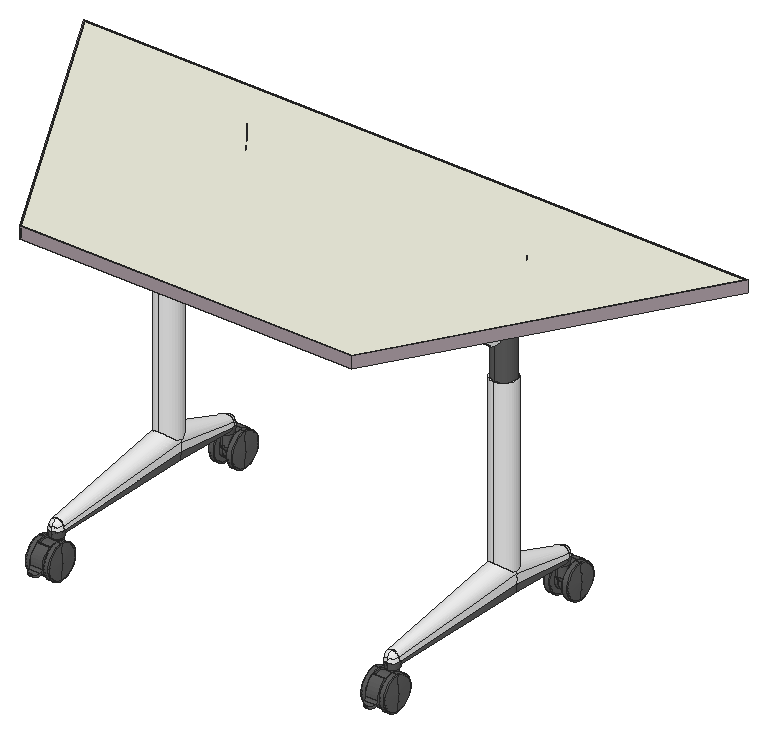
Revit family
Parameters
  Width = 2' - 2"  # constant formula
  URL = "www.coalesse.com"
  Type Comments = "AKF603030PLAC"
  Top Thickness = 0' - 1"
  Top Finish = Furniture_Coalesse_Akira_Top (Laminate)
  Model = "Akira"
  Manufacturer = "COALESSE"
  Length = 5' - 0"  # constant formula
  Leg Ht. = Height - Top Thickness  # 2' - 5"
  Leg Base = Furniture_Coalesse_Akira_LegBase (Powder Coat)
  LD = if(Length > 4' 0", 0' 11 1/2", 0' 5")  # 0' - 11 1/2"
  Height = 2' - 6"
  Glide/Caster = Furniture_Coalesse_Akira_Glide
  Edging = Furniture_Coalesse_Akira_Edge (Vinyl)
  Description = "Height Adjustable Trapezoid Flip-Top L-Base w/Casters"
  Cost = 1441
Reference planes (in)
  plane 1 "Center Front/Back": y = 0
  plane 2: z = 0
  plane 3 "Center Left/Right": x = 0
  plane 4: x = -30
  plane 5: x = 30
  plane 6: y = 13
  plane 7: y = -13
  plane 8: z = 29
  plane 9: z = 30
  plane 10: x = -14
  plane 11: x = 14
  plane 12: y = 4
  plane 13: x = -16.3125
  plane 14: x = 16.3125
  plane 15: x = -9.0625
  plane 16: x = 9.0625
  plane 17: x = -10.5625
  plane 18: x = 10.5625
  plane 19: z = 28.52129
  plane 20: z = 28.8125
Forms (in)
  Extrusion 1, solid, material "Furniture_Coalesse_Akira_LegBase (Powder Coat)" <- "Leg Base"
    sketch origin (0, 0, 0) x (0, 1, 0) y (0, 0, 1)
      loop
        line (5.20425, 27.401) -> (5.17624, 28.04259) -> (5.052, 28.04259) -> (5.052, 29) -> (2.948, 29) -> (2.948, 28.04259) -> (2.82376, 28.04259) -> (2.79575, 27.401)
        arc (2.79575, 27.401) -> (4, 27.15073) -> (5.20425, 27.401) r 3.02248
    from -9.0625 to 9.0625
  Extrusion 2, solid, material "Furniture_Coalesse_Akira_Edge (Vinyl)" <- "Edging"
    sketch origin (0, 0, 0) x (1, 0, 0) y (0, 1, 0)
      loop
        line (-30, 13) -> (-14.98889, -13) -> (14.98889, -13) -> (30, 13) -> (-30, 13)
      loop
        line (-29.89175, 12.9375) -> (-14.95281, -12.9375) -> (14.95281, -12.9375) -> (29.89175, 12.9375) -> (-29.89175, 12.9375)
    from 29 to 30
  Extrusion 3, solid, material "Furniture_Coalesse_Akira_Top (Laminate)" <- "Top Finish"
    sketch origin (0, 0, 0) x (1, 0, 0) y (0, 1, 0)
      loop
        line (-29.89175, 12.9375) -> (-14.95281, -12.9375) -> (14.95281, -12.9375) -> (29.89175, 12.9375) -> (-29.89175, 12.9375)
    from 29 to 30
  Extrusion 4, solid, material "Furniture_Coalesse_Akira_LegBase (Powder Coat)" <- "Leg Base"
    sketch origin (0, 0, 0) x (0, 1, 0) y (0, 0, 1)
      loop
        line (3.56568, 28.8125) -> (3.56568, 27.75) -> (4.43432, 27.75) -> (4.43432, 28.8125) -> (3.56568, 28.8125)
    from -10.5625 to 10.5625
  Extrusion 5, solid, material "Furniture_Coalesse_Akira_LegBase (Powder Coat)" <- "Leg Base"
    sketch origin (-15.2, 4, 48) x (1, 0, 0) y (0, 0, 1)
      loop
        line (1.97123, -22.877) -> (4.6375, -20.21073) -> (4.6375, -19.81298) -> (1.94848, -22.502) -> (1.54375, -22.502) -> (1.54375, -22.877) -> (1.97123, -22.877)
    from -0.125 to 0.125
  Extrusion 6, solid, material "Furniture_Coalesse_Akira_LegBase (Powder Coat)" <- "Leg Base"
    sketch origin (15.2, 4, 48) x (-1, 0, 0) y (0, 0, -1)
      loop
        line (1.97123, 22.877) -> (1.54375, 22.877) -> (1.54375, 22.502) -> (1.94848, 22.502) -> (4.6375, 19.81298) -> (4.6375, 20.21073) -> (1.97123, 22.877)
    from -0.125 to 0.125
  Extrusion 7, solid, material "Furniture_Coalesse_Akira_LegBase (Powder Coat)" <- "Leg Base"
    sketch origin (0, 0, 0) x (1, 0, 0) y (0, 1, 0)
      loop
        line (-2.288, 8.3) -> (-2.288, 4) -> (-0.532, 4) -> (-0.532, 8.3) -> (-2.288, 8.3)
    from 28.52129 to 29
  Extrusion 8, solid, material "Furniture_Coalesse_Akira_LegBase (Powder Coat)" <- "Leg Base"
    sketch origin (0, 0, 0) x (1, 0, 0) y (0, 1, 0)
      loop
        line (2.54982, 8.40594) -> (-4.45, 8.40594)
        arc (-4.45, 8.40594) -> (-4.94897, 7.90697) -> (-4.45, 7.408) r 0.49897
        line (-4.45, 7.408) -> (2.54982, 7.408)
        arc (2.54982, 7.408) -> (4.07513, 7.21448) -> (5.50378, 6.64619) r 6.108
        line (5.50378, 6.64619) -> (5.535, 6.63166) -> (5.957, 7.53826) -> (5.92578, 7.55279)
        arc (5.92578, 7.55279) -> (4.29087, 8.18935) -> (2.54982, 8.40594) r 7.10594
    from 28.8125 to 29
Cuts and joins
  joined: Extrusion 1, Extrusion 4, Extrusion 5, Extrusion 6, Extrusion 7, Extrusion 8
Lines and regions (in)
  reference lines
    curve 1: line (30, 13, 0) -> (14.98889, -13, 0)
    curve 2: line (-30, 13, 0) -> (-14.98889, -13, 0)
Dimensions and locks (in)
  equal spacing: plane 7, plane 1 "Center Front/Back", plane 6
  equal spacing: plane 4, plane 3 "Center Left/Right", plane 5
  "Length": plane 4 to plane 5
  "Width": plane 6 to plane 7
  "Height": plane 9 to level
  "Top Thickness": plane 9 to plane 8
  locked: plane 13 to plane 10 at 2.3125
  locked: plane 11 to plane 14 at 2.3125
  locked: plane 13 to plane 15 at 7.25
  locked: plane 16 to plane 14 at 7.25
  locked: plane 4 to plane 10 at 16
  locked: plane 11 to plane 5 at 16
  locked: plane 13 to nested 1 at 1.15625
  locked: nested 2 to plane 14 at 1.15625
  locked: plane 12 to nested 1 at 0
  locked: nested 2 to plane 12 at 0
  locked: Extrusion 4 sketch curve to plane 8 at 1.25
  locked: plane 16 to plane 18 at 1.5
  locked: plane 17 to plane 15 at 1.5
  locked: plane 8 to Extrusion 4 sketch curve at 0.1875
  locked: Extrusion 5 sketch curve to plane 10 at 0.34375
  locked: plane 11 to Extrusion 6 sketch curve at 0.34375
  Extrusion 7 sketch curve to Extrusion 7 sketch curve to plane 3 "Center Left/Right" = 0' - 1.756" locked, 0' - 0.532" locked
  locked: plane 12 to Extrusion 7 sketch curve at 4.3
  locked: plane 8 to plane 19 at 0.47871
  locked: plane 8 to plane 20 at 0.1875
  locked: plane 12 to plane 6 at 9
  locked: curve 1 to plane 6 (angle 120.00°)
  locked: plane 6 to curve 2 (angle 120.00°)
  aligned and locked: Extrusion 1 sketch curve to plane 8
  aligned and locked: plane 16 to Extrusion 1
  aligned and locked: plane 15 to Extrusion 1
  aligned and locked: plane 9 to Extrusion 2
  aligned and locked: Extrusion 2 to plane 8
  aligned and locked: plane 9 to Extrusion 3
  aligned and locked: Extrusion 3 to plane 8
  aligned and locked: Extrusion 4 to plane 17
  aligned and locked: Extrusion 4 to plane 18
  aligned and locked: Extrusion 5 sketch curve to plane 17
  aligned and locked: plane 18 to Extrusion 6 sketch curve
  aligned and locked: Extrusion 7 sketch curve to plane 12
  aligned and locked: plane 8 to Extrusion 7
  aligned and locked: Extrusion 7 to plane 19
  aligned and locked: plane 8 to Extrusion 8
  aligned and locked: Extrusion 8 to cut or joined group of Extrusion 1, Extrusion 4, Extrusion 5, Extrusion 6, Extrusion 7, Extrusion 8
  aligned and locked: plane 5 to curve 1
  aligned and locked: plane 6 to curve 1
  aligned and locked: plane 7 to curve 1
  aligned and locked: plane 4 to curve 2
  aligned and locked: plane 6 to curve 2
  aligned and locked: plane 7 to curve 2
  aligned and locked: Extrusion 2 sketch curve to plane 6
  aligned and locked: Extrusion 2 sketch curve to curve 2
  aligned and locked: plane 7 to Extrusion 2 sketch curve
  aligned and locked: Extrusion 2 sketch curve to curve 1
  aligned and locked: Extrusion 3 sketch curve to Extrusion 2  (x4)
Automatic sketch dimensions
  plane 12 to Extrusion 1 sketch curve = 0' - 1.20425"
  Extrusion 1 sketch curve to plane 19 = 0' - 0.47871"  (x2)
  Extrusion 1 sketch curve to Extrusion 1 sketch curve = 0' - 0.02801"  (x2)
  Extrusion 1 sketch curve to Extrusion 1 sketch curve = 0' - 0.12424"  (x2)
  plane 12 to Extrusion 1 sketch curve = 0' - 0"
  Extrusion 1 sketch curve to plane 12 = 0' - 1.052"
  Extrusion 1 sketch curve to Extrusion 1 sketch curve = 0' - 0.64159"
  plane 9 to Extrusion 1 sketch curve = 0' - 0.17321"
  plane 12 to Extrusion 4 sketch curve = 0' - 0.43432"
  Extrusion 4 sketch curve to plane 12 = 0' - 0.43432"
  Extrusion 5 sketch curve to Extrusion 5 sketch curve = 0' - 0.40473"
  Extrusion 5 sketch curve to Extrusion 5 sketch curve = 0' - 0.02275"
  Extrusion 5 sketch curve to plane 19 = 0' - 3.39829"
  Extrusion 5 sketch curve to Extrusion 5 sketch curve = 0' - 0 3/8"
  Extrusion 5 sketch curve to plane 19 = 0' - 0.73202"
  Extrusion 5 sketch curve to plane 19 = 0' - 0.33427"
  Extrusion 6 sketch curve to Extrusion 6 sketch curve = 0' - 0.40473"
  Extrusion 6 sketch curve to Extrusion 6 sketch curve = 0' - 0.02275"
  Extrusion 6 sketch curve to plane 19 = 0' - 0.33427"
  Extrusion 6 sketch curve to Extrusion 6 sketch curve = 0' - 0.39775"
  Extrusion 6 sketch curve to plane 19 = 0' - 3.02329"
  Extrusion 6 sketch curve to Extrusion 6 sketch curve = 0' - 0 3/8"
  Extrusion 8 sketch curve to Extrusion 8 sketch curve = 0' - 0"  (x2)
  Extrusion 8 sketch curve to plane 3 "Center Left/Right" = 0' - 4.45"
  plane 3 "Center Left/Right" to Extrusion 8 sketch curve = 0' - 2.54982"
  Extrusion 8 sketch curve to Extrusion 8 sketch curve = 0' - 2.95396"
  Extrusion 8 sketch curve to Extrusion 8 sketch curve = 0' - 0.03122"  (x2)
  Extrusion 8 sketch curve to Extrusion 8 sketch curve = 0' - 0.42199"
  Extrusion 8 sketch curve to plane 1 "Center Front/Back" = 0' - 1.3"
  Extrusion 8 sketch curve to plane 12 = 0' - 2.63166"
  Extrusion 8 sketch curve to Extrusion 8 sketch curve = 0' - 0.01453"
  Extrusion 2 sketch curve to plane 5 = 0' - 0.10825"
  Extrusion 2 sketch curve to plane 6 = 0' - 0 1/16"
  Extrusion 2 sketch curve to Extrusion 2 sketch curve = 0' - 0.03608"  (x2)
  Extrusion 2 sketch curve to plane 4 = 0' - 0.10825"
  Extrusion 2 sketch curve to plane 7 = 0' - 0 1/16"
Nested families (in)
  nested 1: "Coalesse_Akira_LBase__FT" at (-15.15625, 4, 0), type "Coalesse_Akira_LBase__FT"
    with Leg Ht. 2' - 5"
  nested 2: "Coalesse_Akira_LBase__FT" at (15.15625, 4, 0) x (-1, 0, 0) z (0, 0, 1), type "Coalesse_Akira_LBase__FT"
    with Leg Ht. 2' - 5"
Definition of nested family "Coalesse_Akira_LBase__FT"
  Parameters
    Leg Ht. = 2' - 3 1/2"
    Leg Base = none
    Caster = none
  Reference planes (in)
    plane 1 "Center Front/Back": y = 0
    plane 2: z = 0
    plane 3 "Center Left/Right": x = 0
    plane 4: z = 27.5
    plane 5 "f": y = -12.58729
    plane 6: z = 3
    plane 7: z = 6.5
    plane 8: x = -1.15625
    plane 9: x = 6.09375
    plane 10 "fc": y = -13.33729
    plane 11: z = 20.99637
    plane 12: z = 22.80001
    plane 13: z = 24.05001
    plane 14: z = 27.3125
    plane 15: y = 5.84533
    plane 16: y = 6.59533
    plane 17: y = 6.59533
    plane 18: y = 8.11295
    plane 19: y = -8.11295
    plane 20: y = -6.61295
    plane 21: y = 6.61295
  Forms (in)
    Blend 1, solid, material <- "Caster"
      base sketch origin (0, 0, 0.88281) x (1, 0, 0) y (0, 0, 1)
        loop
          line (-0.59375, 2.6875) -> (-0.59375, 2.4375) -> (0.59375, 2.4375) -> (0.59375, 2.6875) -> (-0.59375, 2.6875)
      top sketch origin (0, 0, 0.88281) x (1, 0, 0) y (0, 0, 1)
        loop
          line (-1.15625, 3.6875) -> (-1.15625, 3.0625) -> (1.15625, 3.0625) -> (1.15625, 3.6875) -> (-1.15625, 3.6875)
      from -6.59533 to 0
    Blend 2, solid, material <- "Caster"
      base sketch origin (0, 0, 0.88281) x (1, 0, 0) y (0, 0, -1)
        loop
          line (-0.59375, -2.6875) -> (0.59375, -2.6875) -> (0.59375, -2.4375) -> (-0.59375, -2.4375) -> (-0.59375, -2.6875)
      top sketch origin (0, 0, 0.88281) x (1, 0, 0) y (0, 0, -1)
        loop
          line (-1.15625, -3.6875) -> (1.15625, -3.6875) -> (1.15625, -3.0625) -> (-1.15625, -3.0625) -> (-1.15625, -3.6875)
      from -12.58729 to 0
    Revolve 3, solid, material <- "Leg Base"
      sketch origin (0, 0, 0) x (0, 1, 0) y (0, 0, 1)
        loop
          line (0, 20.99637) -> (0, 5.25) -> (1.125, 5.25) -> (1.125, 20.99637) -> (0, 20.99637)
        axis (0, 20.99637) -> (0, 5.25)
      angle from 0 to 360
    Blend 4, solid, material <- "Leg Base"
      base sketch origin (0, 0, 0.88281) x (1, 0, 0) y (0, 0, 1)
        loop
          line (-0.58299, 2.98753) -> (-0.64197, 2.68197) -> (0.64197, 2.68197) -> (0.58299, 2.98753)
          arc (0.58299, 2.98753) -> (0, 3.46875) -> (-0.58299, 2.98753) r 0.59375
      top sketch origin (0, 0, 0.88281) x (1, 0, 0) y (0, 0, 1)
        loop
          line (-1.15625, 3.6875) -> (1.15625, 3.6875) -> (1.15625, 4.46094)
          arc (1.15625, 4.46094) -> (0, 5.61719) -> (-1.15625, 4.46094) r 1.15625
          line (-1.15625, 4.46094) -> (-1.15625, 3.6875)
      from -6.59533 to 0
    Blend 5, solid, material <- "Leg Base"
      base sketch origin (0, 0, 0.88281) x (1, 0, 0) y (0, 0, -1)
        loop
          arc (-0.58299, -2.98753) -> (0, -3.46875) -> (0.58299, -2.98753) r 0.59375
          line (0.58299, -2.98753) -> (0.64197, -2.68197) -> (-0.64197, -2.68197) -> (-0.58299, -2.98753)
      top sketch origin (0, 0, 0.88281) x (1, 0, 0) y (0, 0, -1)
        loop
          line (-1.15625, -3.6875) -> (-1.15625, -4.46094)
          arc (-1.15625, -4.46094) -> (0, -5.61719) -> (1.15625, -4.46094) r 1.15625
          line (1.15625, -4.46094) -> (1.15625, -3.6875) -> (-1.15625, -3.6875)
      from -12.58729 to 0
    Revolve 6, solid, material <- "Leg Base"
      sketch origin (0, -5.99195, 0) x (0, -1, 0) y (0, 0, 1)
        loop
          line (7.2373, 3.56478) -> (7.15334, 3.89945)
          arc (7.15334, 3.89945) -> (6.98216, 4.18843) -> (6.68091, 4.33696) r 0.5893
          line (6.68091, 4.33696) -> (6.59533, 4.35156) -> (6.59533, 3.56478) -> (7.2373, 3.56478)
        axis (6.59533, 4.35156) -> (6.59533, 3.56478)
      angle from 0 to 360
    Extrusion 7, void
      sketch origin (0, -5.99195, 1) x (0, -1, 0) y (0, 0, -1)
        loop
          line (6.59533, -4.56644) -> (6.59533, -2) -> (5.44158, -2) -> (5.44158, -4.56644) -> (6.59533, -4.56644)
      from -12 to 12
    Revolve 8, solid, material <- "Caster"
      sketch origin (0, -5.98391, 1) x (0, -1, 0) y (0, 0, 1)
        loop
          line (6.59533, 2.56478) -> (6.59533, 0.54688)
          arc (6.59533, 0.54688) -> (6.91574, 0.67959) -> (7.04846, 1) r 0.45312
          line (7.04846, 1) -> (7.04846, 2) -> (7.15448, 2)
          arc (7.15448, 2) -> (7.19031, 2.28394) -> (7.24535, 2.56478) r 4.21213
          line (7.24535, 2.56478) -> (6.59533, 2.56478)
        axis (6.59533, 2.56478) -> (6.59533, 0.54688)
      angle from 0 to 360
    Revolve 9, solid, material <- "Leg Base"
      sketch origin (0, -5.99195, 0) x (0, 1, 0) y (0, 0, 1)
        loop
          line (13.22926, 3.56478) -> (13.1453, 3.89945)
          arc (13.1453, 3.89945) -> (12.97412, 4.18843) -> (12.67286, 4.33696) r 0.5893
          line (12.67286, 4.33696) -> (12.58729, 4.35156) -> (12.58729, 3.56478) -> (13.22926, 3.56478)
        axis (12.58729, 4.35156) -> (12.58729, 3.56478)
      angle from 0 to 360
    Extrusion 10, void
      sketch origin (0, -5.99195, 1) x (0, 1, 0) y (0, 0, 1)
        loop
          line (12.58729, 4.56644) -> (11.43354, 4.56644) -> (11.43354, 2) -> (12.58729, 2) -> (12.58729, 4.56644)
      from -12 to 12
    Revolve 11, solid, material <- "Caster"
      sketch origin (0, -13.33729, 0) x (0, 0, 1) y (-1, 0, 0)
        loop
          line (1.5, 0.55915) -> (1.5, 1.15625)
          arc (1.5, 1.15625) -> (0.77574, 1.13535) -> (0.05448, 1.06633) r 10.89041
          arc (0.05448, 1.06633) -> (0.01556, 1.04561) -> (0, 1.00435) r 0.0625
          line (0, 1.00435) -> (0, 0.62165)
          arc (0, 0.62165) -> (0.01831, 0.57745) -> (0.0625, 0.55915) r 0.0625
          line (0.0625, 0.55915) -> (1.5, 0.55915)
        axis (1.5, 1.15625) -> (1.5, 0.55915)
      angle from 0 to 360
    Revolve 12, solid, material <- "Caster"
      sketch origin (0, -13.33729, 0) x (0, 0, 1) y (1, 0, 0)
        loop
          line (1.5, 0.55915) -> (1.5, 1.15625)
          arc (1.5, 1.15625) -> (0.77574, 1.13535) -> (0.05448, 1.06633) r 10.89041
          arc (0.05448, 1.06633) -> (0.01556, 1.04561) -> (0, 1.00435) r 0.0625
          line (0, 1.00435) -> (0, 0.62165)
          arc (0, 0.62165) -> (0.01831, 0.57745) -> (0.0625, 0.55915) r 0.0625
          line (0.0625, 0.55915) -> (1.5, 0.55915)
        axis (1.5, 1.15625) -> (1.5, 0.55915)
      angle from 0 to 360
    Revolve 13, solid, material <- "Caster"
      sketch origin (0, -13.33729, 0) x (0, 0, 1) y (-1, 0, 0)
        loop
          arc (0.63549, 0.04419) -> (0.6538, 0) -> (0.63549, -0.04419) r 0.0625
          line (0.63549, -0.04419) -> (0.51831, -0.16138)
          arc (0.51831, -0.16138) -> (0.50476, -0.18166) -> (0.5, -0.20558) r 0.0625
          line (0.5, -0.20558) -> (0.5, -0.55915) -> (1.5, -0.55915) -> (1.5, 0.55915) -> (0.5, 0.55915) -> (0.5, 0.20558)
          arc (0.5, 0.20558) -> (0.50476, 0.18166) -> (0.51831, 0.16138) r 0.0625
          line (0.51831, 0.16138) -> (0.63549, 0.04419)
        axis (1.5, 0.55915) -> (1.5, -0.55915)
      angle from 0 to 360
    Extrusion 14, solid, material <- "Caster"
      sketch origin (0, 0, 0) x (0, 1, 0) y (0, 0, 1)
        loop
          line (-13.02994, 2.64704) -> (-13.02994, 2.84021)
          arc (-13.02994, 2.84021) -> (-14.70356, 1.65466) -> (-13.33729, 0.125) r 1.375
          line (-13.33729, 0.125) -> (-13.33729, 0.3125)
          arc (-13.33729, 0.3125) -> (-14.51463, 1.655) -> (-13.02994, 2.64704) r 1.1875
      from -0.55915 to 0.55915
    Extrusion 15, solid, material <- "Caster"
      sketch origin (0, 0, 0) x (0, 1, 0) y (0, 0, 1)
        loop
          arc (-14.02479, 2.69078) -> (-13.99047, 2.81885) -> (-14.11854, 2.85316) r 0.09375
          arc (-14.11854, 2.85316) -> (-14.71082, 2.24485) -> (-14.89756, 1.41661) r 1.5625
          arc (-14.89756, 1.41661) -> (-14.94487, 1.25642) -> (-15.0825, 1.16178) r 0.25
          line (-15.0825, 1.16178) -> (-15.47604, 1.05633)
          arc (-15.47604, 1.05633) -> (-15.52024, 0.97979) -> (-15.44369, 0.93559) r 0.0625
          line (-15.44369, 0.93559) -> (-14.72449, 1.1283)
          arc (-14.72449, 1.1283) -> (-14.68723, 1.15625) -> (-14.67965, 1.20221) r 0.0625
          arc (-14.67965, 1.20221) -> (-14.59588, 2.05369) -> (-14.02479, 2.69078) r 1.375
      from -0.55915 to 0.55915
    Extrusion 16, void
      sketch origin (0, 0, 0) x (1, 0, 0) y (0, 1, 0)
        loop
          line (-0.54352, -13.5) -> (-1.30915, -13.5) -> (-1.30915, -15.83173) -> (1.24592, -15.83173) -> (1.24592, -13.61425) -> (0.54352, -13.61425) -> (0.54352, -15.00674)
          arc (0.54352, -15.00674) -> (0.39707, -15.36029) -> (0.04352, -15.50674) r 0.5
          line (0.04352, -15.50674) -> (-0.04352, -15.50674)
          arc (-0.04352, -15.50674) -> (-0.39707, -15.36029) -> (-0.54352, -15.00674) r 0.5
          line (-0.54352, -15.00674) -> (-0.54352, -13.5)
      from 0 to 12
    Revolve 17, solid, material <- "Caster"
      sketch origin (0, 0, 0) x (0, 1, 0) y (0, 0, 1)
        loop
          line (0, 20.99637) -> (1, 20.99637) -> (1, 27.3125) -> (0, 27.3125) -> (0, 20.99637)
        axis (0, 27.3125) -> (0, 20.99637)
      angle from 0 to 360
    Extrusion 18, solid, material <- "Leg Base"
      sketch origin (0, 0, 0) x (0, 1, 0) y (0, 0, 1)
        loop
          arc (1.62384, 24.172) -> (1.47121, 24.0815) -> (1.29657, 24.05001) r 0.5
          line (1.29657, 24.05001) -> (1, 24.05001) -> (1, 22.80001) -> (1.54909, 22.80001)
          arc (1.54909, 22.80001) -> (1.89105, 22.8603) -> (2.19178, 23.03389) r 1
          line (2.19178, 23.03389) -> (5.83036, 26.08622)
          arc (5.83036, 26.08622) -> (6.15985, 26.51553) -> (6.277, 27.04388) r 1.25
          line (6.277, 27.04388) -> (6.277, 27.5) -> (4.277, 27.5) -> (4.277, 26.92593)
          arc (4.277, 26.92593) -> (4.18654, 26.51032) -> (3.93154, 26.1699) r 1
          line (3.93154, 26.1699) -> (1.62384, 24.172)
      from -1.15625 to 5.57353
    Extrusion 19, void
      sketch origin (0, -13.33729, 0) x (0, 0, 1) y (-1, 0, 0)
        loop
          line (21.49637, 0.442) -> (24.33414, 0.442)
          arc (24.33414, 0.442) -> (25.35468, 0.31495) -> (26.31292, -0.05845) r 4.16228
          line (26.31292, -0.05845) -> (26.45327, -0.13429)
          arc (26.45327, -0.13429) -> (27.03102, -0.65138) -> (27.3125, -1.37382) r 1.66764
          arc (27.3125, -1.37382) -> (26.99219, -1.7965) -> (26.56952, -1.47619) r 0.375
          line (26.56952, -1.47619) -> (26.55792, -1.39199)
          arc (26.55792, -1.39199) -> (26.43133, -1.06708) -> (26.17149, -0.83453) r 0.75
          line (26.17149, -0.83453) -> (25.95636, -0.71827)
          arc (25.95636, -0.71827) -> (25.17079, -0.41216) -> (24.33414, -0.308) r 3.41228
          line (24.33414, -0.308) -> (21.49637, -0.308) -> (21.49637, -7.09375) -> (27.5, -7.09375) -> (27.5, 1.442) -> (21.49637, 1.442) -> (21.49637, 0.442)
      from -32.57454 to 12
    Extrusion 20, solid, material <- "Leg Base"
      sketch origin (0, 0, 0) x (0, -1, 0) y (0, 0, -1)
        loop
          line (1.62384, -24.172) -> (3.93154, -26.1699)
          arc (3.93154, -26.1699) -> (4.18654, -26.51032) -> (4.277, -26.92593) r 1
          line (4.277, -26.92593) -> (4.277, -27.5) -> (6.277, -27.5) -> (6.277, -27.04388)
          arc (6.277, -27.04388) -> (6.15985, -26.51553) -> (5.83036, -26.08622) r 1.25
          line (5.83036, -26.08622) -> (2.19178, -23.03389)
          arc (2.19178, -23.03389) -> (1.89105, -22.8603) -> (1.54909, -22.80001) r 1
          line (1.54909, -22.80001) -> (1, -22.80001) -> (1, -24.05001) -> (1.29657, -24.05001)
          arc (1.29657, -24.05001) -> (1.47121, -24.0815) -> (1.62384, -24.172) r 0.5
      from -1.15625 to 5.57353
    Extrusion 21, solid, material <- "Leg Base"
      sketch origin (0, 0, 0) x (1, 0, 0) y (0, 1, 0)
        loop
          arc (0, -1.5) -> (1.5, 0) -> (0, 1.5) r 1.5
          line (0, 1.5) -> (0, 1)
          arc (0, 1) -> (1, 0) -> (0, -1) r 1
          line (0, -1) -> (0, -1.5)
      from 22.80001 to 24.05001
    Extrusion 22, solid, material <- "Leg Base"
      sketch origin (0, 0, 0) x (1, 0, 0) y (0, 1, 0)
        loop
          line (0.581, 3.36295) -> (-1.15625, 1.17893) -> (-1.15625, -1.17893) -> (0.581, -3.36295) -> (0.581, -8.11295) -> (2.35, -8.11295) -> (2.35, -5.87618) -> (6.09375, -1.16964) -> (6.09375, 1.16964) -> (2.35, 5.87618) -> (2.35, 8.11295) -> (0.581, 8.11295) -> (0.581, 3.36295)
      from 27.3125 to 27.5
    Revolve 23, solid, material <- "Caster"
      sketch origin (0, -0.00805, 1) x (0, 1, 0) y (0, 0, 1)
        loop
          line (6.59533, 2.56478) -> (6.59533, 0.54688)
          arc (6.59533, 0.54688) -> (6.91574, 0.67959) -> (7.04846, 1) r 0.45312
          line (7.04846, 1) -> (7.04846, 2) -> (7.15448, 2)
          arc (7.15448, 2) -> (7.19031, 2.28394) -> (7.24535, 2.56478) r 4.21213
          line (7.24535, 2.56478) -> (6.59533, 2.56478)
        axis (6.59533, 2.56478) -> (6.59533, 0.54688)
      angle from 0 to 360
    Revolve 24, solid, material <- "Caster"
      sketch origin (0, 7.34533, 0) x (0, 0, 1) y (1, 0, 0)
        loop
          line (1.5, -0.55915) -> (0.0625, -0.55915)
          arc (0.0625, -0.55915) -> (0.01831, -0.57745) -> (0, -0.62165) r 0.0625
          line (0, -0.62165) -> (0, -1.00435)
          arc (0, -1.00435) -> (0.01556, -1.04561) -> (0.05448, -1.06633) r 0.0625
          arc (0.05448, -1.06633) -> (0.77574, -1.13535) -> (1.5, -1.15625) r 10.89041
          line (1.5, -1.15625) -> (1.5, -0.55915)
        axis (1.5, -1.15625) -> (1.5, -0.55915)
      angle from 0 to 360
    Revolve 25, solid, material <- "Caster"
      sketch origin (0, 7.34533, 0) x (0, 0, 1) y (1, 0, 0)
        loop
          line (1.5, 0.55915) -> (1.5, 1.15625)
          arc (1.5, 1.15625) -> (0.77574, 1.13535) -> (0.05448, 1.06633) r 10.89041
          arc (0.05448, 1.06633) -> (0.01556, 1.04561) -> (0, 1.00435) r 0.0625
          line (0, 1.00435) -> (0, 0.62165)
          arc (0, 0.62165) -> (0.01831, 0.57745) -> (0.0625, 0.55915) r 0.0625
          line (0.0625, 0.55915) -> (1.5, 0.55915)
        axis (1.5, 1.15625) -> (1.5, 0.55915)
      angle from 0 to 360
    Revolve 26, solid, material <- "Caster"
      sketch origin (0, 7.34533, 0) x (0, 0, 1) y (1, 0, 0)
        loop
          line (0.63549, -0.04419) -> (0.51831, -0.16138)
          arc (0.51831, -0.16138) -> (0.50476, -0.18166) -> (0.5, -0.20558) r 0.0625
          line (0.5, -0.20558) -> (0.5, -0.55915) -> (1.5, -0.55915) -> (1.5, 0.55915) -> (0.5, 0.55915) -> (0.5, 0.20558)
          arc (0.5, 0.20558) -> (0.50476, 0.18166) -> (0.51831, 0.16138) r 0.0625
          line (0.51831, 0.16138) -> (0.63549, 0.04419)
          arc (0.63549, 0.04419) -> (0.6538, 0) -> (0.63549, -0.04419) r 0.0625
        axis (1.5, -0.55915) -> (1.5, 0.55915)
      angle from 0 to 360
    Extrusion 27, solid, material <- "Caster"
      sketch origin (0, -5.99195, 0) x (0, -1, 0) y (0, 0, -1)
        loop
          arc (-13.02994, -2.64704) -> (-14.51463, -1.655) -> (-13.33729, -0.3125) r 1.1875
          line (-13.33729, -0.3125) -> (-13.33729, -0.125)
          arc (-13.33729, -0.125) -> (-14.70356, -1.65466) -> (-13.02994, -2.84021) r 1.375
          line (-13.02994, -2.84021) -> (-13.02994, -2.64704)
      from -0.55915 to 0.55915
    Extrusion 28, solid, material <- "Caster"
      sketch origin (0, -5.99195, 0) x (0, -1, 0) y (0, 0, -1)
        loop
          arc (-14.02479, -2.69078) -> (-14.59588, -2.05369) -> (-14.67965, -1.20221) r 1.375
          arc (-14.67965, -1.20221) -> (-14.68723, -1.15625) -> (-14.72449, -1.1283) r 0.0625
          line (-14.72449, -1.1283) -> (-15.44369, -0.93559)
          arc (-15.44369, -0.93559) -> (-15.52024, -0.97979) -> (-15.47604, -1.05633) r 0.0625
          line (-15.47604, -1.05633) -> (-15.0825, -1.16178)
          arc (-15.0825, -1.16178) -> (-14.94487, -1.25642) -> (-14.89756, -1.41661) r 0.25
          arc (-14.89756, -1.41661) -> (-14.71082, -2.24485) -> (-14.11854, -2.85316) r 1.5625
          arc (-14.11854, -2.85316) -> (-13.99047, -2.81885) -> (-14.02479, -2.69078) r 0.09375
      from -0.55915 to 0.55915
    Extrusion 29, void
      sketch origin (0, -5.99195, 0) x (1, 0, 0) y (0, 1, 0)
        loop
          line (-0.54352, 13.5) -> (-0.54352, 15.00674)
          arc (-0.54352, 15.00674) -> (-0.39707, 15.36029) -> (-0.04352, 15.50674) r 0.5
          line (-0.04352, 15.50674) -> (0.04352, 15.50674)
          arc (0.04352, 15.50674) -> (0.39707, 15.36029) -> (0.54352, 15.00674) r 0.5
          line (0.54352, 15.00674) -> (0.54352, 13.61425) -> (1.24592, 13.61425) -> (1.24592, 15.83173) -> (-1.30915, 15.83173) -> (-1.30915, 13.5) -> (-0.54352, 13.5)
      from 0 to 12
    Extrusion 30, solid, material <- "Leg Base"
      sketch origin (0, -13.33729, 0) x (0, 0, 1) y (-1, 0, 0)
        loop
          circle (26.94101, -1.42501) r 0.1875
      from -9.06029 to -5.22434
    Extrusion 31, solid, material <- "Leg Base"
      sketch origin (0, 13.33729, 0) x (0, 0, 1) y (1, 0, 0)
        loop
          circle (26.94101, 1.42501) r 0.1875
      from -9.06029 to -5.22434
    Extrusion 32, solid, material <- "Leg Base"
      sketch origin (0, -13.33729, 0) x (0, 0, 1) y (-1, 0, 0)
        loop
          line (27.3125, -1.7997) -> (27.3125, -1.05001) -> (26.94101, -1.05001)
          arc (26.94101, -1.05001) -> (26.67584, -1.15984) -> (26.56601, -1.42501) r 0.375
          arc (26.56601, -1.42501) -> (26.67056, -1.68478) -> (26.92593, -1.7997) r 0.375
          line (26.92593, -1.7997) -> (27.3125, -1.7997)
        loop
          circle (26.94101, -1.42501) r 0.1875
      from -6.72434 to -5.22434
    Extrusion 33, solid, material <- "Leg Base"
      sketch origin (0, -13.33729, 0) x (0, 0, 1) y (-1, 0, 0)
        loop
          line (27.3125, -1.7997) -> (27.3125, -1.05001) -> (26.94101, -1.05001)
          arc (26.94101, -1.05001) -> (26.67584, -1.15984) -> (26.56601, -1.42501) r 0.375
          arc (26.56601, -1.42501) -> (26.67056, -1.68478) -> (26.92593, -1.7997) r 0.375
          line (26.92593, -1.7997) -> (27.3125, -1.7997)
        loop
          circle (26.94101, -1.42501) r 0.1875
      from -21.45023 to -19.95023
  Cuts and joins
    Extrusion 7 cuts Blend 1
    Extrusion 29 cuts Revolve 26
    joined: Blend 1, Revolve 23, Revolve 24, Revolve 25, Revolve 26
    Extrusion 7, Extrusion 10 cuts Revolve 3
    Extrusion 7 cuts Blend 4
    Extrusion 10 cuts Blend 5
    Extrusion 7, Extrusion 10 cuts Revolve 6
    Extrusion 10 cuts Revolve 9
    joined: Revolve 3, Blend 4, Blend 5, Revolve 6, Revolve 9
    Extrusion 10, Extrusion 16 cuts Blend 2
    Extrusion 10, Extrusion 16 cuts Revolve 8
    Extrusion 16 cuts Revolve 13
    joined: Blend 2, Revolve 8, Revolve 11, Revolve 12, Revolve 13
    Extrusion 16 cuts Extrusion 15
    Extrusion 19 cuts Extrusion 18
    Extrusion 19 cuts Extrusion 20
    joined: Extrusion 18, Extrusion 20, Extrusion 21, Extrusion 30, Extrusion 31
    Extrusion 29 cuts Extrusion 27
    Extrusion 29 cuts Extrusion 28
    joined: Extrusion 27, Extrusion 28
    joined: Extrusion 22, Extrusion 32, Extrusion 33
  Dimensions and locks (in)
    "Leg Ht.": plane 4 to level
    plane 6 to level = 0' - 3"
    level to plane 7 = 0' - 6 1/2"
    plane 8 to plane 3 "Center Left/Right" to plane 9 = 0' - 1 5/32", 0' - 6 3/32"
    locked: level to plane 11 at 20.99637
    Extrusion 18 sketch curve to plane 4 = 0' - 0"
    locked: plane 9 to Extrusion 19 sketch curve at 1
    locked: plane 8 to Extrusion 19 sketch curve at 0.28575
    locked: plane 4 to Extrusion 19 sketch curve at 6.00363  (x2)
    plane 4 to plane 13 to plane 12 = 0' - 3.44999" locked, 0' - 1 1/4" locked
    locked: plane 14 to plane 4 at 0.1875
    plane 18 to plane 1 "Center Front/Back" to plane 19 = 0' - 8.11295" locked, 0' - 8.11295" locked
    locked: plane 20 to plane 19 at 1.5
    locked: plane 18 to plane 21 at 1.5
    aligned and locked: Revolve 3 sketch curve to plane 1 "Center Front/Back"
    aligned and locked: plane 1 "Center Front/Back" to Revolve 3 sketch curve
    aligned and locked: plane 11 to Revolve 17 sketch curve
    aligned and locked: plane 11 to Revolve 3 sketch curve
    aligned and locked: plane 1 "Center Front/Back" to Revolve 17 sketch curve
    aligned and locked: plane 4 to Extrusion 19 sketch curve
    aligned and locked: plane 12 to Extrusion 21
    aligned and locked: Extrusion 21 to plane 13
    aligned and locked: plane 14 to Revolve 17 sketch curve
    aligned and locked: plane 9 to Extrusion 22 sketch curve
    aligned and locked: Extrusion 22 sketch curve to plane 8
    aligned and locked: Extrusion 22 to plane 4
    aligned and locked: plane 14 to Extrusion 22
    aligned and locked: cut or joined group of Extrusion 18, Extrusion 19, Extrusion 20, Extrusion 21, Extrusion 30, Extrusion 31 to Extrusion 30
    aligned and locked: Extrusion 22 to Extrusion 31
    aligned and locked: Extrusion 30 to plane 19
    aligned and locked: Extrusion 32 sketch curve to plane 14
    aligned and locked: Extrusion 32 sketch curve to cut or joined group of Extrusion 18, Extrusion 19, Extrusion 20, Extrusion 21, Extrusion 30, Extrusion 31  (x2)
    aligned and locked: plane 20 to Extrusion 32
    aligned and locked: Extrusion 32 to plane 19
    aligned and locked: Extrusion 33 sketch curve to plane 14
    aligned and locked: Extrusion 33 sketch curve to cut or joined group of Extrusion 18, Extrusion 19, Extrusion 20, Extrusion 21, Extrusion 30, Extrusion 31  (x2)
    aligned and locked: Extrusion 33 to plane 18
    aligned and locked: plane 21 to Extrusion 33
  Automatic sketch dimensions
    plane 8 to Blend 1 sketch curve = 0' - 0 9/16"
    plane 3 "Center Left/Right" to Blend 1 sketch curve = 0' - 0 19/32"
    plane 6 to Blend 1 sketch curve = 0' - 0 41/128"
    Blend 1 sketch curve to Blend 1 sketch curve = 0' - 0 1/4"
    Blend 1 sketch curve to plane 8 = 0' - 0"
    plane 3 "Center Left/Right" to Blend 1 sketch curve = 0' - 1 5/32"
    plane 6 to Blend 1 sketch curve = 0' - 0 121/128"
    Blend 1 sketch curve to Blend 1 sketch curve = 0' - 0 5/8"
    plane 8 to Blend 2 sketch curve = 0' - 0 9/16"
    plane 3 "Center Left/Right" to Blend 2 sketch curve = 0' - 0 19/32"
    plane 6 to Blend 2 sketch curve = 0' - 0 73/128"
    Blend 2 sketch curve to Blend 2 sketch curve = 0' - 0 1/4"
    Blend 2 sketch curve to plane 8 = 0' - 0"
    plane 3 "Center Left/Right" to Blend 2 sketch curve = 0' - 1 5/32"
    plane 6 to Blend 2 sketch curve = 0' - 1 73/128"
    Blend 2 sketch curve to Blend 2 sketch curve = 0' - 0 5/8"
    Revolve 3 sketch curve to plane 1 "Center Front/Back" = 0' - 1 1/8"
    plane 7 to Revolve 3 sketch curve = 0' - 1 1/4"
    Revolve 3 sketch curve to level = 1' - 5.5613"
    Revolve 3 sketch curve to plane 4 = 5' - 4.15523"
    Blend 4 sketch curve to plane 3 "Center Left/Right" = 0' - 0"  (x2)
    plane 8 to Blend 4 sketch curve = 0' - 0.57326"
    Blend 4 sketch curve to Blend 4 sketch curve = 0' - 0.05898"  (x2)
    plane 3 "Center Left/Right" to Blend 4 sketch curve = 0' - 0.58299"
    plane 6 to Blend 4 sketch curve = 0' - 0.56478"
    Blend 4 sketch curve to Blend 4 sketch curve = 0' - 0.19303"
    Blend 4 sketch curve to Blend 4 sketch curve = 0' - 0.30556"
    Blend 4 sketch curve to plane 8 = 0' - 0"
    plane 6 to Blend 4 sketch curve = 0' - 1 73/128"
    Blend 4 sketch curve to Blend 4 sketch curve = 0' - 0 99/128"
    Blend 5 sketch curve to plane 3 "Center Left/Right" = 0' - 0"  (x2)
    plane 8 to Blend 5 sketch curve = 0' - 0.57326"
    Blend 5 sketch curve to Blend 5 sketch curve = 0' - 0.05898"  (x2)
    plane 3 "Center Left/Right" to Blend 5 sketch curve = 0' - 0.58299"
    plane 6 to Blend 5 sketch curve = 0' - 0.87035"
    Blend 5 sketch curve to Blend 5 sketch curve = 0' - 0.11253"
    Blend 5 sketch curve to Blend 5 sketch curve = 0' - 0.30556"
    Blend 5 sketch curve to plane 8 = 0' - 0"
    plane 7 to Blend 5 sketch curve = 0' - 1 5/32"
    Blend 5 sketch curve to Blend 5 sketch curve = 0' - 0 99/128"
    Revolve 6 sketch curve to plane 5 "f" = 0' - 0"  (x2)
    plane 5 "f" to Revolve 6 sketch curve = 0' - 0.01357"
    Revolve 6 sketch curve to plane 5 "f" = 0' - 0.08558"
    plane 10 "fc" to Revolve 6 sketch curve = 0' - 0.19199"
    plane 10 "fc" to Revolve 6 sketch curve = 0' - 0.10803"
    level to Revolve 6 sketch curve = 0' - 4.48699"
    Revolve 6 sketch curve to plane 6 = 0' - 0.56478"
    Revolve 6 sketch curve to Revolve 6 sketch curve = 0' - 0.19127"
    Revolve 6 sketch curve to Revolve 6 sketch curve = 0' - 0.33467"
    Revolve 6 sketch curve to Revolve 6 sketch curve = 0' - 0.01461"
    plane 7 to Revolve 6 sketch curve = 0' - 1.36001"
    Extrusion 7 sketch curve to plane 6 = 0' - 0"
    Extrusion 7 sketch curve to plane 5 "f" = 0' - 0"
    plane 5 "f" to Extrusion 7 sketch curve = 0' - 1.15375"
    Extrusion 7 sketch curve to plane 7 = 0' - 0.93356"
    Revolve 8 sketch curve to plane 6 = 0' - 0"
    plane 5 "f" to Revolve 8 sketch curve = 0' - 0.00805"  (x2)
    plane 10 "fc" to Revolve 8 sketch curve = 0' - 0.30492"
    Revolve 8 sketch curve to Revolve 8 sketch curve = 0' - 0.10602"
    plane 10 "fc" to Revolve 8 sketch curve = 0' - 0.10803"
    plane 6 to Revolve 8 sketch curve = 0' - 0.38516"
    Revolve 8 sketch curve to plane 10 "fc" = 0' - 3.99558"
    plane 6 to Revolve 8 sketch curve = 0' - 1"
    Revolve 8 sketch curve to Revolve 8 sketch curve = 0' - 0"
    level to Revolve 8 sketch curve = 0' - 3.48699"
    plane 7 to Revolve 8 sketch curve = 0' - 1.36001"
    Revolve 9 sketch curve to plane 16 = 0' - 0"  (x2)
    Revolve 9 sketch curve to plane 16 = 0' - 0.01357"
    plane 16 to Revolve 9 sketch curve = 0' - 0.08558"
    plane 16 to Revolve 9 sketch curve = 0' - 0.55801"
    Revolve 9 sketch curve to Revolve 9 sketch curve = 0' - 0.08396"
    Revolve 9 sketch curve to level = 0' - 4.48699"
    plane 6 to Revolve 9 sketch curve = 0' - 0.56478"
    Revolve 9 sketch curve to Revolve 9 sketch curve = 0' - 0.19127"
    Revolve 9 sketch curve to Revolve 9 sketch curve = 0' - 0.33467"
    Revolve 9 sketch curve to Revolve 9 sketch curve = 0' - 0.01461"
    Revolve 9 sketch curve to plane 7 = 0' - 1.36001"
    Extrusion 10 sketch curve to plane 6 = 0' - 0"
    Extrusion 10 sketch curve to plane 16 = 0' - 0"
    plane 15 to Extrusion 10 sketch curve = 0' - 0.40375"
    plane 7 to Extrusion 10 sketch curve = 0' - 0.93356"
    Revolve 11 sketch curve to level = 0' - 0"
    Revolve 11 sketch curve to plane 8 = 0' - 0"  (x2)
    level to Revolve 11 sketch curve = 0' - 0.05448"
    Revolve 11 sketch curve to Revolve 11 sketch curve = 0' - 0"
    level to Revolve 11 sketch curve = 0' - 0 1/16"  (x2)
    level to Revolve 11 sketch curve = 0' - 1.45185"
    Revolve 11 sketch curve to plane 3 "Center Left/Right" = 0' - 0.55915"
    Revolve 11 sketch curve to Revolve 11 sketch curve = 0' - 1 7/16"
    level to Revolve 11 sketch curve = 0' - 1 1/2"
    plane 3 "Center Left/Right" to Revolve 11 sketch curve = 0' - 1 3/32"
    Revolve 12 sketch curve to level = 0' - 0"
    Revolve 12 sketch curve to level = 0' - 0.05448"
    Revolve 12 sketch curve to Revolve 12 sketch curve = 0' - 0"  (x2)
    Revolve 12 sketch curve to level = 0' - 0 1/16"  (x2)
    Revolve 12 sketch curve to level = 0' - 1.45185"
    Revolve 12 sketch curve to plane 3 "Center Left/Right" = 0' - 0.55915"
    Revolve 12 sketch curve to Revolve 12 sketch curve = 0' - 1 7/16"
    Revolve 12 sketch curve to plane 8 = 0' - 0 1/16"
    Revolve 12 sketch curve to level = 0' - 1 1/2"
    plane 8 to Revolve 12 sketch curve = 0' - 8.57781"
    Revolve 13 sketch curve to plane 3 "Center Left/Right" = 0' - 0"
    level to Revolve 13 sketch curve = 0' - 0 1/2"  (x2)
    Revolve 13 sketch curve to plane 3 "Center Left/Right" = 0' - 0.16138"
    Revolve 13 sketch curve to Revolve 13 sketch curve = 0' - 0.01831"  (x2)
    plane 3 "Center Left/Right" to Revolve 13 sketch curve = 0' - 0.16138"
    Revolve 13 sketch curve to Revolve 13 sketch curve = 0' - 0 1/16"
    Revolve 13 sketch curve to Revolve 13 sketch curve = 0' - 0.04419"  (x3)
    Revolve 13 sketch curve to Revolve 13 sketch curve = 0' - 0.07299"
    Revolve 13 sketch curve to Revolve 13 sketch curve = 0' - 1"
    level to Revolve 13 sketch curve = 0' - 1 1/2"
    Revolve 13 sketch curve to Revolve 13 sketch curve = 0' - 0.35357"
    Revolve 13 sketch curve to Revolve 13 sketch curve = 0' - 1.96154"
    plane 3 "Center Left/Right" to Revolve 13 sketch curve = 0' - 0.04419"
    Revolve 13 sketch curve to plane 3 "Center Left/Right" = 0' - 0.55915"
    Revolve 13 sketch curve to plane 8 = 0' - 1.07307"
    Extrusion 14 sketch curve to Extrusion 14 sketch curve = 0' - 0"  (x2)
    Extrusion 14 sketch curve to plane 10 "fc" = 0' - 0"
    Extrusion 14 sketch curve to plane 10 "fc" = 0' - 0.30735"
    level to Extrusion 14 sketch curve = 0' - 0 1/8"
    Extrusion 14 sketch curve to Extrusion 14 sketch curve = 0' - 0 3/16"
    Extrusion 14 sketch curve to Extrusion 14 sketch curve = 0' - 1 3/16"
    Extrusion 15 sketch curve to Extrusion 15 sketch curve = 0' - 0"  (x6)
    Extrusion 15 sketch curve to plane 10 "fc" = 0' - 0"
    Extrusion 15 sketch curve to plane 6 = 0' - 0.30922"
    plane 10 "fc" to Extrusion 15 sketch curve = 0' - 0 11/16"
    Extrusion 15 sketch curve to Extrusion 15 sketch curve = 0' - 0 3/64"
    plane 10 "fc" to Extrusion 15 sketch curve = 0' - 1.34236"
    Extrusion 15 sketch curve to Extrusion 15 sketch curve = 0' - 0.04484"
    Extrusion 15 sketch curve to Extrusion 15 sketch curve = 0' - 0.06102"
    Extrusion 15 sketch curve to Extrusion 15 sketch curve = 0' - 0.15689"
    level to Extrusion 15 sketch curve = 0' - 1.16178"
    Extrusion 15 sketch curve to Extrusion 15 sketch curve = 0' - 0.18494"
    Extrusion 15 sketch curve to Extrusion 15 sketch curve = 0' - 0.24964"
    Extrusion 15 sketch curve to Extrusion 15 sketch curve = 0' - 0.36119"
    Extrusion 15 sketch curve to Extrusion 15 sketch curve = 0' - 0.01618"  (x2)
    level to Extrusion 15 sketch curve = 0' - 1.05633"
    Extrusion 15 sketch curve to Extrusion 15 sketch curve = 0' - 0.06037"
    Extrusion 16 sketch curve to plane 8 = 0' - 0.1529"
    plane 10 "fc" to Extrusion 16 sketch curve = 0' - 0.16271"
    Extrusion 16 sketch curve to plane 3 "Center Left/Right" = 0' - 0.54352"
    Extrusion 16 sketch curve to plane 3 "Center Left/Right" = 0' - 0.04352"
    plane 3 "Center Left/Right" to Extrusion 16 sketch curve = 0' - 0.04352"
    plane 3 "Center Left/Right" to Extrusion 16 sketch curve = 0' - 0.54352"
    Extrusion 16 sketch curve to Extrusion 16 sketch curve = 0' - 0.7024"
    plane 10 "fc" to Extrusion 16 sketch curve = 0' - 0.27697"
    Extrusion 16 sketch curve to Extrusion 16 sketch curve = 0' - 1.39249"
    Extrusion 16 sketch curve to Extrusion 16 sketch curve = 0' - 0.82499"
    Revolve 17 sketch curve to plane 1 "Center Front/Back" = 0' - 0"
    Revolve 17 sketch curve to plane 11 = 0' - 0"
    Revolve 17 sketch curve to plane 1 "Center Front/Back" = 0' - 1"
    plane 4 to Revolve 17 sketch curve = 0' - 0.04344"
    Extrusion 18 sketch curve to plane 12 = 0' - 0"
    Extrusion 18 sketch curve to plane 13 = 0' - 0"
    Extrusion 18 sketch curve to plane 1 "Center Front/Back" = 0' - 1"
    Extrusion 18 sketch curve to Extrusion 18 sketch curve = 0' - 0.29657"
    Extrusion 18 sketch curve to Extrusion 18 sketch curve = 0' - 0.54909"
    Extrusion 18 sketch curve to plane 13 = 0' - 0.12199"
    Extrusion 18 sketch curve to Extrusion 18 sketch curve = 0' - 0.32727"
    Extrusion 18 sketch curve to plane 12 = 0' - 0.23387"
    Extrusion 18 sketch curve to Extrusion 18 sketch curve = 0' - 0.64269"
    plane 14 to Extrusion 18 sketch curve = 0' - 0.38657"
    plane 15 to Extrusion 18 sketch curve = 0' - 2.56833"
    Extrusion 18 sketch curve to Extrusion 18 sketch curve = 0' - 0.65454"
    Extrusion 18 sketch curve to Extrusion 18 sketch curve = 0' - 0.34546"
    plane 14 to Extrusion 18 sketch curve = 0' - 0.26862"
    Extrusion 18 sketch curve to Extrusion 18 sketch curve = 0' - 0 3/4"
    plane 15 to Extrusion 18 sketch curve = 0' - 0.01497"
    Extrusion 18 sketch curve to plane 16 = 0' - 0.31833"
    Extrusion 19 sketch curve to Extrusion 19 sketch curve = 0' - 0"  (x2)
    Extrusion 19 sketch curve to plane 14 = 0' - 0"  (x2)
    Extrusion 19 sketch curve to plane 13 = 0' - 0.28412"
    Extrusion 19 sketch curve to plane 13 = 0' - 1.61045"
    Extrusion 19 sketch curve to Extrusion 19 sketch curve = 0' - 0.15448"
    plane 3 "Center Left/Right" to Extrusion 19 sketch curve = 0' - 0.71827"
    Extrusion 19 sketch curve to Extrusion 19 sketch curve = 0' - 0.14143"
    Extrusion 19 sketch curve to Extrusion 19 sketch curve = 0' - 0.21513"
    plane 3 "Center Left/Right" to Extrusion 19 sketch curve = 0' - 0.05845"
    Extrusion 19 sketch curve to Extrusion 19 sketch curve = 0' - 0.35656"
    Extrusion 19 sketch curve to Extrusion 19 sketch curve = 0' - 0.14035"
    Extrusion 19 sketch curve to Extrusion 19 sketch curve = 0' - 0.38643"
    Extrusion 19 sketch curve to Extrusion 19 sketch curve = 0' - 0.0116"
    plane 14 to Extrusion 19 sketch curve = 0' - 0.37149"
    Extrusion 19 sketch curve to plane 9 = 0' - 2.37347"
    Extrusion 19 sketch curve to Extrusion 19 sketch curve = 0' - 0.88316"
    Extrusion 19 sketch curve to Extrusion 19 sketch curve = 0' - 0.10708"
    Extrusion 19 sketch curve to Extrusion 19 sketch curve = 0' - 0.01816"
    Extrusion 19 sketch curve to Extrusion 19 sketch curve = 0' - 0.0842"
    Extrusion 20 sketch curve to plane 13 = 0' - 0"
    Extrusion 20 sketch curve to plane 12 = 0' - 0"
    Extrusion 20 sketch curve to plane 4 = 0' - 0"
    Extrusion 20 sketch curve to plane 1 "Center Front/Back" = 0' - 1"
    Extrusion 20 sketch curve to Extrusion 20 sketch curve = 0' - 0.29657"
    Extrusion 20 sketch curve to Extrusion 20 sketch curve = 0' - 0.25252"
    plane 13 to Extrusion 20 sketch curve = 0' - 0.12199"
    Extrusion 20 sketch curve to Extrusion 20 sketch curve = 0' - 0.32727"
    plane 12 to Extrusion 20 sketch curve = 0' - 0.23387"
    Extrusion 20 sketch curve to Extrusion 20 sketch curve = 0' - 0.64269"
    Extrusion 20 sketch curve to plane 14 = 0' - 0.38657"
    Extrusion 20 sketch curve to Extrusion 20 sketch curve = 0' - 1.98043"
    Extrusion 20 sketch curve to plane 14 = 0' - 1.1426"
    Extrusion 20 sketch curve to Extrusion 20 sketch curve = 0' - 0.65454"
    Extrusion 20 sketch curve to plane 14 = 0' - 0.26862"
    Extrusion 20 sketch curve to Extrusion 20 sketch curve = 0' - 0 3/4"
    Extrusion 20 sketch curve to Extrusion 20 sketch curve = 0' - 0.80336"
    Extrusion 20 sketch curve to Extrusion 20 sketch curve = 0' - 1 1/4"
    Extrusion 21 sketch curve to Extrusion 21 sketch curve = 0' - 0"  (x2)
    Extrusion 21 sketch curve to plane 1 "Center Front/Back" = 0' - 0"
    Extrusion 21 sketch curve to plane 3 "Center Left/Right" = 0' - 0"
    Extrusion 21 sketch curve to Extrusion 21 sketch curve = 0' - 1"
    Extrusion 21 sketch curve to Extrusion 21 sketch curve = 0' - 0 1/2"
    plane 3 "Center Left/Right" to Extrusion 22 sketch curve = 0' - 0.581"  (x2)
    Extrusion 22 sketch curve to Extrusion 22 sketch curve = 0' - 1.769"
    Extrusion 22 sketch curve to plane 15 = 0' - 0.03085"
    plane 3 "Center Left/Right" to Extrusion 22 sketch curve = 0' - 2.35"
    Extrusion 22 sketch curve to Extrusion 22 sketch curve = 0' - 2.51323"
    plane 1 "Center Front/Back" to Extrusion 22 sketch curve = 0' - 1.17893"
    plane 1 "Center Front/Back" to Extrusion 22 sketch curve = 0' - 1.16964"
    Extrusion 22 sketch curve to plane 1 "Center Front/Back" = 0' - 1.16964"
    Extrusion 22 sketch curve to plane 1 "Center Front/Back" = 0' - 1.17893"
    plane 15 to Extrusion 22 sketch curve = 0' - 2.48238"
    Revolve 23 sketch curve to plane 6 = 0' - 0"
    Revolve 23 sketch curve to plane 16 = 0' - 0.00805"  (x2)
    plane 16 to Revolve 23 sketch curve = 0' - 0.44508"
    Revolve 23 sketch curve to Revolve 23 sketch curve = 0' - 0.10602"
    Revolve 23 sketch curve to plane 6 = 0' - 0.38516"
    Revolve 23 sketch curve to Revolve 23 sketch curve = 0' - 1"
    Revolve 23 sketch curve to Revolve 23 sketch curve = 0' - 0"
    Revolve 23 sketch curve to level = 0' - 3.48699"
    Revolve 23 sketch curve to plane 7 = 0' - 1.36001"
    Revolve 24 sketch curve to level = 0' - 0"
    Revolve 24 sketch curve to plane 8 = 0' - 0"  (x2)
    level to Revolve 24 sketch curve = 0' - 0.05448"
    Revolve 24 sketch curve to Revolve 24 sketch curve = 0' - 0"
    level to Revolve 24 sketch curve = 0' - 0 1/16"  (x2)
    level to Revolve 24 sketch curve = 0' - 1.45185"
    Revolve 24 sketch curve to plane 3 "Center Left/Right" = 0' - 0.55915"
    Revolve 24 sketch curve to Revolve 24 sketch curve = 0' - 1 7/16"
    level to Revolve 24 sketch curve = 0' - 1 1/2"
    plane 3 "Center Left/Right" to Revolve 24 sketch curve = 0' - 1 3/32"
    Revolve 25 sketch curve to level = 0' - 0"
    level to Revolve 25 sketch curve = 0' - 0.05448"
    Revolve 25 sketch curve to Revolve 25 sketch curve = 0' - 0"  (x2)
    level to Revolve 25 sketch curve = 0' - 0 1/16"  (x2)
    level to Revolve 25 sketch curve = 0' - 1.45185"
    plane 3 "Center Left/Right" to Revolve 25 sketch curve = 0' - 0.55915"
    Revolve 25 sketch curve to Revolve 25 sketch curve = 0' - 1 7/16"
    plane 8 to Revolve 25 sketch curve = 0' - 0 1/16"
    level to Revolve 25 sketch curve = 0' - 1 1/2"
    Revolve 25 sketch curve to plane 8 = 0' - 8.57781"
    Revolve 26 sketch curve to plane 3 "Center Left/Right" = 0' - 0"
    level to Revolve 26 sketch curve = 0' - 0 1/2"  (x2)
    Revolve 26 sketch curve to plane 3 "Center Left/Right" = 0' - 0.16138"
    Revolve 26 sketch curve to Revolve 26 sketch curve = 0' - 0.01831"  (x2)
    plane 3 "Center Left/Right" to Revolve 26 sketch curve = 0' - 0.16138"
    Revolve 26 sketch curve to Revolve 26 sketch curve = 0' - 0 1/16"
    Revolve 26 sketch curve to Revolve 26 sketch curve = 0' - 0.04419"  (x3)
    Revolve 26 sketch curve to Revolve 26 sketch curve = 0' - 0.07299"
    Revolve 26 sketch curve to Revolve 26 sketch curve = 0' - 1"
    level to Revolve 26 sketch curve = 0' - 1 1/2"
    Revolve 26 sketch curve to Revolve 26 sketch curve = 0' - 0.35357"  (x2)
    Revolve 26 sketch curve to plane 8 = 0' - 1.07307"
    Revolve 26 sketch curve to plane 3 "Center Left/Right" = 0' - 0.04419"
    Revolve 26 sketch curve to Revolve 26 sketch curve = 0' - 1.96154"
    Extrusion 27 sketch curve to Extrusion 27 sketch curve = 0' - 0"  (x2)
    Extrusion 27 sketch curve to plane 6 = 0' - 0.15979"
    plane 16 to Extrusion 27 sketch curve = 0' - 0.44265"
    Extrusion 27 sketch curve to Extrusion 27 sketch curve = 0' - 0.19317"
    Extrusion 27 sketch curve to Extrusion 27 sketch curve = 0' - 1.14704"
    Extrusion 28 sketch curve to Extrusion 28 sketch curve = 0' - 0"  (x8)
    Extrusion 28 sketch curve to Extrusion 28 sketch curve = 0' - 0.01618"  (x3)
    level to Extrusion 28 sketch curve = 0' - 0.93559"
    Extrusion 28 sketch curve to Extrusion 28 sketch curve = 0' - 0.32884"
    Extrusion 28 sketch curve to Extrusion 28 sketch curve = 0' - 0.0647"
    Extrusion 28 sketch curve to Extrusion 28 sketch curve = 0' - 0.24964"
    Extrusion 28 sketch curve to Extrusion 28 sketch curve = 0' - 0.15689"
    Extrusion 28 sketch curve to Extrusion 28 sketch curve = 0' - 0.06102"
    Extrusion 28 sketch curve to plane 6 = 0' - 0.14684"
    Extrusion 28 sketch curve to Extrusion 28 sketch curve = 0' - 0 3/64"
    Extrusion 28 sketch curve to Extrusion 28 sketch curve = 0' - 0.08119"
    Extrusion 28 sketch curve to Extrusion 28 sketch curve = 0' - 0.12074"
    Extrusion 29 sketch curve to plane 8 = 0' - 0.1529"
    Extrusion 29 sketch curve to plane 3 "Center Left/Right" = 0' - 0.54352"
    Extrusion 29 sketch curve to plane 3 "Center Left/Right" = 0' - 0.04352"
    plane 3 "Center Left/Right" to Extrusion 29 sketch curve = 0' - 0.04352"
    plane 3 "Center Left/Right" to Extrusion 29 sketch curve = 0' - 0.54352"
    Extrusion 29 sketch curve to Extrusion 29 sketch curve = 0' - 0.7024"
    Extrusion 29 sketch curve to Extrusion 29 sketch curve = 0' - 0.82499"
    plane 14 to Extrusion 30 sketch curve = 0' - 0.37149"
    plane 3 "Center Left/Right" to Extrusion 30 sketch curve = 0' - 1.42501"
    plane 14 to Extrusion 31 sketch curve = 0' - 0.37149"
    plane 3 "Center Left/Right" to Extrusion 31 sketch curve = 0' - 1.42501"
    plane 16 to Extrusion 22 sketch curve = 0' - 1.51762"
    plane 6 to Revolve 23 sketch curve = 0' - 0.56478"
    Revolve 23 sketch curve to Revolve 23 sketch curve = 0' - 0.09087"
    level to Extrusion 27 sketch curve = 0' - 0 1/8"
    plane 16 to Extrusion 28 sketch curve = 0' - 2.88876"
    plane 16 to Extrusion 28 sketch curve = 0' - 1 17/32"
    Extrusion 28 sketch curve to Extrusion 28 sketch curve = 0' - 1.34236"
    plane 16 to Extrusion 29 sketch curve = 0' - 0.91271"
    plane 16 to Extrusion 29 sketch curve = 0' - 1.02697"
    Extrusion 29 sketch curve to Extrusion 29 sketch curve = 0' - 1.39249"
    Extrusion 22 sketch curve to Extrusion 22 sketch curve = 0' - 2.18402"
    Extrusion 22 sketch curve to Extrusion 22 sketch curve = 0' - 2.23677"
    Extrusion 32 sketch curve to Extrusion 32 sketch curve = 0' - 0"  (x3)
    Extrusion 32 sketch curve to Extrusion 32 sketch curve = 0' - 0 3/16"
    Extrusion 32 sketch curve to Extrusion 32 sketch curve = 0' - 0.01508"
    Extrusion 33 sketch curve to Extrusion 33 sketch curve = 0' - 0"  (x3)
    Extrusion 33 sketch curve to Extrusion 33 sketch curve = 0' - 0 3/16"
    Extrusion 33 sketch curve to Extrusion 33 sketch curve = 0' - 0.01508"
    radius of Extrusion 30 sketch curve = 0' - 0 3/16"
    radius of Extrusion 31 sketch curve = 0' - 0 3/16"
